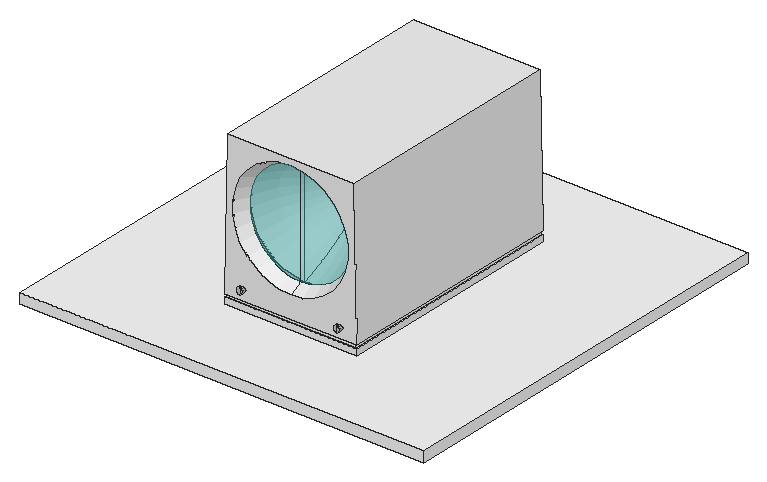
Revit family "BE_33581_de_DE", category Leuchten, Revit 2020
Family settings
  Basisbauteil = Fläche
  Bemaßung runder Anschluss = Durchmesser verwenden
  Teiletyp = Normal
  Beim Laden mit Abzugskörper schneiden = Ja
  Lichtquelle = Ja
  Gemeinsam genutzt = Nein
  Raumberechnungspunkt = Ja
Parameters (values of type "BEGA_33581_Weiß_K4")
  built-in parameter 1150104 = 13.935 (stored number, unit not read)
  Wattage = 7.9 W
  Default Elevation = 0 mm
  built-in parameter 1150113 = 1 (stored number, unit not read)
  built-in parameter 1114218 = 1 (stored number, unit not read)
  Umgebungstemperatur = "25 °C"
  URL = "https://www.bega.com/de/produkt/33581"
  Typenkommentare = "© 2022 BEGA. Wir behalten uns das Recht vor, technische Änderungen ohne vorherige Ankündigung vorzunehmen."  # constant formula
  Type Image = 33581.png
  built-in parameter 1150134 = 12
  built-in parameter 1150109 = 1 (stored number, unit not read)
  Strom = ""
  built-in parameter 1150110 = 1 (stored number, unit not read)
  Spannung = 239.996 V
  Sonderanfertigung = no
  Seriennummer [instance] = "Hier können Sie die eindeutige Seriennummer für das Facility Management eintragen."
  Schutzklasse = "I"
  Schutzart = "IP 64"
  Scheinlast = 0 VA
  Produktdatenblatt = "https://cdn.bega.com/bega/products/33581WK3/current/documents/data-sheets/de"
  Oberflächentemperatur = ""
  Neigungswinkel = 0.00°
  Modell = "33581WK4"
  Material_17 = BEGA_Reflektor
  Material_15 = BEGA_Leuchtmedium_matt
  Material_11 = BEGA_Glas_opal
  Material_09 = BEGA_Glas_klar
  Material_06 = BEGA_Oberfläche_Edelstahl_gebürstet
  Material_03 = BEGA_Oberfläche_Weiss_matt
  Material_02 = BEGA_Oberfläche_Silber_matt
  Material_01 [instance] = BEGA_Oberfläche_Grafit_matt
  M_W = yes
  M_G = no
  M_A = no
  Logo = 0
  built-in parameter 1114217 = 1 (stored number, unit not read)
  built-in parameter 1150139 = (empty or 0)
  built-in parameter 1150105 = 94.299 (stored number, unit not read)
  built-in parameter 1150114 = 1 (stored number, unit not read)
  Lumens = 1185 lm
  built-in parameter 1150115 = 1 (stored number, unit not read)
  Leuchtenlichtstrom = "782 lm"
  Leuchtenanzahl = ""
  Lebensdauerkriterien = "L70B50 @ 25 °C = 200000 h"
  Lastklassifizierung = Beleuchtung
  built-in parameter 1150112 = 1 (stored number, unit not read)
  Lampenlichtstrom = "1185 lm"
  Lampe = "LED 7.9 W"
  LED_Modulbezeichnung = "LED-0683/840"
  built-in parameter 1150142 = (empty or 0)
  Hersteller = "BEGA"  # constant formula
  Halbstreuwinkel = ""
  Gewicht = "2.35 kg"
  Gebrauchslageneinschränkung [instance] = ""
  Frequenz = "0/50-60 Hz"
  Farbwiedergabeindex = "CRI > 80"
  Farbtemperaturverschiebung bei Dämpfen der Lampe = <Keine Auswahl>
  Farbtemperatur = "4000 K"
  Color Filter = 16777215
  built-in parameter 1150133 = 10 (stored number, unit not read)
  Energieeffizienzklasse = "LED A++ - A"
  built-in parameter 1150137 = (empty or 0)
  built-in parameter 1150132 = (empty or 0)
  ENEC = "ja"
  Dimmbar [instance] = "DALI"
  Datei für fotometrisches Netz = "BE_33581K4.IES"
  CE_Konformität = "ja"
  Bestellnummer = "33581WK4"
  Beschreibung_Sonderanfertigung = "Hier können Sie Informationen zur Sonderanfertigung eintragen."
  Beschreibung = "Wandleuchte"
  built-in parameter 1150106 = 0.94299 (stored number, unit not read)
  Befestigungsbohrung = "Ø 4,5 mm"
  Befestigungsabstand = "105 mm"
  Ballwurfsicher = ""
  BEGA_Intern_aus = yes
  BEGA_Intern_an = yes
  BEGA_Intern_Konstruktion = yes
  BEGA_Intern = yes
  BEGA_IES = yes
  BEGA_Dummy = no
  Anschlussleitung = ""
  Anschlussleistung [instance] = "10 W"
  built-in parameter 1150107 = 4000 (stored number, unit not read)
  built-in parameter 1150102 = (empty or 0)
  built-in parameter 1150138 = (empty or 0)
  Aktualisierung = "2022-05-18T04:00:07"
  Abstand_zur_angestrahlten_Fläche [instance] = ""
  AC/DC = "AC/DC"
Types (6, lengths in mm): name | built-in parameter 1150104 | built-in parameter 1150134 | Modell | M_W | M_G | M_A | built-in parameter 1150105 | Lumens | Leuchtenlichtstrom | Lampenlichtstrom | LED_Modulbezeichnung | Farbtemperatur | Datei für fotometrisches Netz | Bestellnummer | built-in parameter 1150106 | built-in parameter 1150107
  BEGA_33581_Grafit_K3 | 13.23 (stored number, unit not read) | (empty or 0) | "33581K3" | no | yes | no | 89.528 (stored number, unit not read) | 1125.04 lm | "743 lm" | "1125 lm" | "LED-0683/830" | "3000 K" | "BE_33581K3.IES" | "33581K3" | 0.89528 (stored number, unit not read) | 3000 (stored number, unit not read)
  BEGA_33581_Weiß_K4 | 13.935 (stored number, unit not read) | 12 | "33581WK4" | yes | no | no | 94.299 (stored number, unit not read) | 1185 lm | "782 lm" | "1185 lm" | "LED-0683/840" | "4000 K" | "BE_33581K4.IES" | "33581WK4" | 0.94299 (stored number, unit not read) | 4000 (stored number, unit not read)
  BEGA_33581_Weiß_K3 | 13.23 (stored number, unit not read) | (empty or 0) | "33581WK3" | yes | no | no | 89.528 (stored number, unit not read) | 1125.04 lm | "743 lm" | "1125 lm" | "LED-0683/830" | "3000 K" | "BE_33581K3.IES" | "33581WK3" | 0.89528 (stored number, unit not read) | 3000 (stored number, unit not read)
  BEGA_33581_Grafit_K4 | 13.935 (stored number, unit not read) | 12 | "33581K4" | no | yes | no | 94.299 (stored number, unit not read) | 1185 lm | "782 lm" | "1185 lm" | "LED-0683/840" | "4000 K" | "BE_33581K4.IES" | "33581K4" | 0.94299 (stored number, unit not read) | 4000 (stored number, unit not read)
  BEGA_33581_Silber_K4 | 13.935 (stored number, unit not read) | 12 | "33581AK4" | no | no | yes | 94.299 (stored number, unit not read) | 1185 lm | "782 lm" | "1185 lm" | "LED-0683/840" | "4000 K" | "BE_33581K4.IES" | "33581AK4" | 0.94299 (stored number, unit not read) | 4000 (stored number, unit not read)
  BEGA_33581_Silber_K3 | 13.23 (stored number, unit not read) | (empty or 0) | "33581AK3" | no | no | yes | 89.528 (stored number, unit not read) | 1125.04 lm | "743 lm" | "1125 lm" | "LED-0683/830" | "3000 K" | "BE_33581K3.IES" | "33581AK3" | 0.89528 (stored number, unit not read) | 3000 (stored number, unit not read)
Reference planes
  plane 1 "Mitte (Vorne/Hinten)": y = 0
  plane 2: z = 0
  plane 3 "Mitte (Links/Rechts)": x = 0
  plane 4 "Links": x = -65.11
  plane 5 "Rechts": x = 65.11
  plane 6 "Unten": y = -115.176
  plane 7 "Oben": y = 115.044
  plane 8 "Vorne": z = 151.3
  plane 9 "Hinten": z = 0
Forms (mm)
  Extrusion 1, solid, material "BEGA_Platte_Weiss"
    sketch origin (0, -1119.2, 0) x (1, 0, 0) y (0, 1, 0)
      loop
        line (-200, 1319.2) -> (-200, 919.2) -> (200, 919.2) -> (200, 1319.2) -> (-200, 1319.2)
    from 0 to -10
  Extrusion 2, solid, material "BEGA_Dummy_matt", visible <- "BEGA_Dummy"
    sketch origin (80.095, -76.023, 0) x (1, 0, 0) y (0, 1, 0)
      loop
        line (-145.205, 191.067) -> (-145.205, -39.153) -> (-14.985, -39.153) -> (-14.985, 191.067) -> (-145.205, 191.067)
    from 0 to 151.3
Dimensions and locks
  plane 1 "Mitte (Vorne/Hinten)" to Extrusion 1 = 200 mm
  aligned and locked: plane 2 to Extrusion 1
  aligned and locked: level to Extrusion 1
Nested families
  nested 1: "BE_33581" at (0, 0, 0) x (0, -1, 0) z (0, 0, 1), type "BE_33581"
Connectors
  electrical at (0, 0, 0), driven by "Lastklassifizierung", driven by "Spannung", driven by "Scheinlast"
    settings: index 1, voltage 239.996 V, apparent load 0 VA, apparent load phase1 0 VA, apparent load phase2 0 VA, apparent load phase3 0 VA, power factor 1, load classification "Beleuchtung", number of poles 1, system type 31, power factor state 1, is connector primary yes, connector utility no, sub classification motor no, connector description ""
Definition of nested family "BE_33581"
  Parameters (values of type "BE_33581")
    Default Elevation = 1 mm
    URL = "http://www.bega.de/de/produkt"
    Type Comments = "© 2015 BEGA. Wir behalten uns das Recht vor, technische Änderungen ohne vorherige Ankündigung vorzunehmen. "  # constant formula
    Type Image = (empty or 0)
    Material_17 = none
    Material_15 = none
    Material_11 = none
    Material_09 = none
    Material_06 = none
    Material_03 = none
    Material_02 = none
    Material_01 = none
    M_W = yes
    M_G = yes
    M_A = yes
    Länge_Platte = 300 mm  # constant formula
    Höhe_Platte = -10 mm  # constant formula
    Manufacturer = "BEGA"  # constant formula
    Breite_Platte = 200 mm  # constant formula
  Reference planes
    plane 1 "Mitte (Oben/Unten)": y = 0
    plane 2: z = 0
    plane 3 "Mitte (Links/Rechts)": x = 0
    plane 4 "Unten": y = -65.11
    plane 5: x = -115.044
    plane 6: z = 151.3
    plane 7: x = 115.176
    plane 8: y = 65.11
  Forms (mm)
    Extrusion 1, solid, detail levels medium
      sketch origin (0, 0, 0) x (1, 0, 0) y (0, 1, 0)
        loop
          line (-150, 100) -> (-150, -100) -> (150, -100) -> (150, 100) -> (-150, 100)
      from 0 to -10 <- "Höhe_Platte"
    Extrusion 2, solid, material <- "Material_01", visible <- "M_G", detail levels medium+fine
      sketch origin (0, 0, 0) x (1, 0, 0) y (0, 0, 1)
        loop
          line (-114.824, 9.3) -> (-102.259, 9.3) -> (-102.259, 148.3) -> (102.259, 148.3) -> (102.259, 9.3) -> (115.176, 9.3) -> (115.176, 151.3) -> (-114.824, 151.3) -> (-114.824, 9.3)
      from -65.11 to 65.11
    Extrusion 3, solid, material <- "Material_01", visible <- "M_G", detail levels medium+fine
      sketch origin (0, 0, 0) x (0, 1, 0) y (0, 0, 1)
        loop
          line (-60, 151.3) -> (-65.11, 151.3) -> (-65.11, 9.3) -> (-60, 9.3) -> (-60, 151.3)
        loop
          line (60, 151.3) -> (60, 9.3) -> (65.11, 9.3) -> (65.11, 151.3) -> (60, 151.3)
      from -114.824 to 115.176
    Sweep 4, solid, material <- "Material_01", visible <- "M_G", detail levels medium+fine
      path origin (0, 0, 0) x (1, 0, 0) y (0, 1, 0)
        loop
          line (115.176, -65.11) -> (115.176, 65.11) -> (-115.11, 65.11) -> (-115.11, -65.11) -> (115.176, -65.11)
      profile origin (115.176, 0, 0) x (-1, 0, 0) y (0, 0, 1)
        loop
          line (0.176, 6.3) -> (0.066, 0) -> (7.976, 0) -> (8.447, 9) -> (54.804, 9) -> (54.804, 11.3) -> (3.262, 11.3) -> (1.041, 9.3) -> (1.041, 6.3) -> (0.176, 6.3)
    Extrusion 5, solid, material <- "Material_01", visible <- "M_G", detail levels medium+fine
      sketch origin (0, 0, 0) x (1, 0, 0) y (0, 1, 0)
        loop
          line (-60.306, 10.306) -> (-60.306, -10.306) -> (60.372, -10.306) -> (60.372, 10.306) -> (-60.306, 10.306)
      from 9 to 11.3
    Revolve 6, void
      sketch origin (0, 0, 0) x (1, 0, 0) y (0, 0, 1)
        loop
          line (102.259, 139.777) -> (102.259, 88.3) -> (115.176, 88.3) -> (115.176, 145.8) -> (102.259, 139.777)
        axis (115.176, 88.3) -> (102.259, 88.3)
      angle from 0 to 360
    Revolve 7, solid, material <- "Material_17", detail levels medium+fine
      sketch origin (-4.05, 0, 0) x (-1, 0, 0) y (0, 0, 1)
        loop
          arc (-102.097, 141.256) -> (-68.897, 126.601) -> (-40.677, 103.781) r 137.727
          line (-40.677, 103.781) -> (-40.06, 93.694) -> (-39.056, 93.667) -> (-39.71, 104.364)
          arc (-39.71, 104.364) -> (-67.927, 127.265) -> (-101.152, 141.988) r 137.727
          line (-101.152, 141.988) -> (-101.152, 145.816) -> (-102.097, 145.816) -> (-102.097, 141.256)
        axis (-102.097, 88.3) -> (-39.056, 88.3)
      angle from 0 to 360
    Revolve 8, solid, material <- "Material_09", detail levels medium+fine
      sketch origin (0, 0, 0) x (1, 0, 0) y (0, 0, 1)
        loop
          line (98.047, 144.78) -> (98.047, 88.3) -> (102.227, 88.3) -> (102.227, 144.78) -> (98.047, 144.78)
        axis (98.047, 88.3) -> (102.227, 88.3)
      angle from 0 to 360
    Revolve 9, solid, material <- "Material_15", detail levels medium+fine
      sketch origin (69.774, 0, 0) x (1, 0, 0) y (0, 0, 1)
        loop
          line (-36.847, 88.3) -> (-35.805, 88.3) -> (-35.805, 93.042) -> (-36.847, 93.042) -> (-36.847, 88.3)
        axis (-36.847, 88.3) -> (-35.805, 88.3)
      angle from 0 to 360
    Revolve 10, solid, material <- "Material_06", detail levels fine
      sketch origin (0, -48, 0) x (1, 0, 0) y (0, 0, -1)
        loop
          line (114.588, -22.1) -> (118.376, -22.1) -> (118.376, -19.101) -> (114.588, -19.101) -> (114.588, -22.1)
        axis (114.588, -19.101) -> (118.376, -19.101)
      angle from 0 to 360
    Revolve 11, solid, material <- "Material_06", detail levels fine
      sketch origin (0, 48, 0) x (1, 0, 0) y (0, 0, 1)
        loop
          line (114.588, 22.1) -> (114.588, 19.101) -> (118.376, 19.101) -> (118.376, 22.1) -> (114.588, 22.1)
        axis (114.588, 19.101) -> (118.376, 19.101)
      angle from 0 to 360
    Sweep 12, solid, material <- "Material_02", visible <- "M_A", detail levels medium+fine
      path origin (0, 0, 0) x (1, 0, 0) y (0, 1, 0)
        loop
          line (115.176, -65.11) -> (115.176, 65.11) -> (-115.11, 65.11) -> (-115.11, -65.11) -> (115.176, -65.11)
      profile origin (115.176, 0, 0) x (-1, 0, 0) y (0, 0, 1)
        loop
          line (0.176, 6.3) -> (0.066, 0) -> (7.976, 0) -> (8.447, 9) -> (54.804, 9) -> (54.804, 11.3) -> (3.262, 11.3) -> (1.041, 9.3) -> (1.041, 6.3) -> (0.176, 6.3)
    Extrusion 13, solid, material <- "Material_02", visible <- "M_A", detail levels medium+fine
      sketch origin (0, 0, 0) x (1, 0, 0) y (0, 1, 0)
        loop
          line (-60.306, 10.306) -> (-60.306, -10.306) -> (60.372, -10.306) -> (60.372, 10.306) -> (-60.306, 10.306)
      from 9 to 11.3
    Sweep 14, solid, material <- "Material_03", visible <- "M_W", detail levels medium+fine
      path origin (0, 0, 0) x (1, 0, 0) y (0, 1, 0)
        loop
          line (115.176, -65.11) -> (115.176, 65.11) -> (-115.11, 65.11) -> (-115.11, -65.11) -> (115.176, -65.11)
      profile origin (115.176, 0, 0) x (-1, 0, 0) y (0, 0, 1)
        loop
          line (0.176, 6.3) -> (0.066, 0) -> (7.976, 0) -> (8.447, 9) -> (54.804, 9) -> (54.804, 11.3) -> (3.262, 11.3) -> (1.041, 9.3) -> (1.041, 6.3) -> (0.176, 6.3)
    Extrusion 15, solid, material <- "Material_03", visible <- "M_W", detail levels medium+fine
      sketch origin (0, 0, 0) x (1, 0, 0) y (0, 1, 0)
        loop
          line (-60.306, 10.306) -> (-60.306, -10.306) -> (60.372, -10.306) -> (60.372, 10.306) -> (-60.306, 10.306)
      from 9 to 11.3
    Extrusion 16, solid, material <- "Material_02", visible <- "M_A", detail levels medium+fine
      sketch origin (0, 0, 0) x (1, 0, 0) y (0, 0, 1)
        loop
          line (-114.824, 9.3) -> (-102.259, 9.3) -> (-102.259, 148.3) -> (102.259, 148.3) -> (102.259, 9.3) -> (115.176, 9.3) -> (115.176, 151.3) -> (-114.824, 151.3) -> (-114.824, 9.3)
      from -65.11 to 65.11
    Extrusion 17, solid, material <- "Material_02", visible <- "M_A", detail levels medium+fine
      sketch origin (0, 0, 0) x (0, 1, 0) y (0, 0, 1)
        loop
          line (-60, 151.3) -> (-65.11, 151.3) -> (-65.11, 9.3) -> (-60, 9.3) -> (-60, 151.3)
        loop
          line (60, 151.3) -> (60, 9.3) -> (65.11, 9.3) -> (65.11, 151.3) -> (60, 151.3)
      from -114.824 to 115.176
    Extrusion 18, solid, material <- "Material_03", visible <- "M_W", detail levels medium+fine
      sketch origin (0, 0, 0) x (1, 0, 0) y (0, 0, 1)
        loop
          line (-114.824, 9.3) -> (-102.259, 9.3) -> (-102.259, 148.3) -> (102.259, 148.3) -> (102.259, 9.3) -> (115.176, 9.3) -> (115.176, 151.3) -> (-114.824, 151.3) -> (-114.824, 9.3)
      from -65.11 to 65.11
    Extrusion 19, solid, material <- "Material_03", visible <- "M_W", detail levels medium+fine
      sketch origin (0, 0, 0) x (0, 1, 0) y (0, 0, 1)
        loop
          line (-60, 151.3) -> (-65.11, 151.3) -> (-65.11, 9.3) -> (-60, 9.3) -> (-60, 151.3)
        loop
          line (60, 151.3) -> (60, 9.3) -> (65.11, 9.3) -> (65.11, 151.3) -> (60, 151.3)
      from -114.824 to 115.176
    Extrusion 20, void
      sketch origin (0, 0, 0) x (1, 0, 0) y (0, 1, 0)
        loop
          circle (0, 52.5) r 2.25
        loop
          circle (0, -52.5) r 2.25
        loop
          circle (19, 45) r 8.5
        loop
          circle (-19, 45) r 8.5
      from 0 to 15.771
    Extrusion 21, void
      sketch origin (0, 0, 0) x (0, 1, 0) y (0, 0, 1)
        loop
          line (-65.11, 9.3) -> (-62.522, 157.547) -> (-65.11, 157.547) -> (-65.11, 9.3)
        loop
          line (65.11, 9.3) -> (65.11, 157.547) -> (62.522, 157.547) -> (65.11, 9.3)
      from -122.47 to 122.023
  Cuts and joins
    Revolve 6, Extrusion 20, Extrusion 21 cuts Extrusion 2
    Revolve 6, Extrusion 20, Extrusion 21 cuts Extrusion 3
    joined: Extrusion 2, Extrusion 3
    Extrusion 20 cuts Sweep 4
    Extrusion 20 cuts Extrusion 5
    joined: Sweep 4, Extrusion 5
    Extrusion 20 cuts Sweep 12
    Extrusion 20 cuts Extrusion 13
    joined: Sweep 12, Extrusion 13
    Extrusion 20 cuts Sweep 14
    Extrusion 20 cuts Extrusion 15
    joined: Sweep 14, Extrusion 15
    Revolve 6, Extrusion 20, Extrusion 21 cuts Extrusion 16
    Extrusion 20, Extrusion 21 cuts Extrusion 17
    joined: Extrusion 16, Extrusion 17
    Revolve 6, Extrusion 20, Extrusion 21 cuts Extrusion 18
    Extrusion 20, Extrusion 21 cuts Extrusion 19
    joined: Extrusion 18, Extrusion 19
  Dimensions and locks
    equal spacing: Extrusion 1 sketch curve, plane 3 "Mitte (Links/Rechts)", Extrusion 1 sketch curve
    equal spacing: Extrusion 1 sketch curve, plane 1 "Mitte (Oben/Unten)", Extrusion 1 sketch curve
    "Länge_Platte": Extrusion 1 sketch curve to Extrusion 1 sketch curve
    "Breite_Platte": Extrusion 1 sketch curve to Extrusion 1 sketch curve
    aligned and locked: Extrusion 1 to plane 2
    aligned and locked: level to Extrusion 1
  Automatic sketch dimensions
    Extrusion 2 sketch curve to Extrusion 2 sketch curve = 12.565 mm
    level to Extrusion 2 sketch curve = 9.3 mm  (x2)
    Extrusion 2 sketch curve to Extrusion 2 sketch curve = 12.917 mm
    Extrusion 2 sketch curve to Extrusion 2 sketch curve = 3 mm
    plane 1 "Mitte (Oben/Unten)" to Extrusion 3 sketch curve = 65.11 mm
    Extrusion 3 sketch curve to Extrusion 3 sketch curve = 5.11 mm  (x2)
    Extrusion 3 sketch curve to plane 1 "Mitte (Oben/Unten)" = 60 mm
    level to Extrusion 3 sketch curve = 9.3 mm  (x2)
    plane 1 "Mitte (Oben/Unten)" to Sweep 4 sketch curve = 65.11 mm
    Sweep 4 sketch curve to plane 1 "Mitte (Oben/Unten)" = 65.11 mm
    Sweep 4 sketch curve to level = 0 mm
    Sweep 4 sketch curve to profile plane = 0.066 mm
    Sweep 4 sketch curve to profile plane = 0.176 mm
    Sweep 4 sketch curve to profile plane = 1.041 mm
    Sweep 4 sketch curve to Sweep 4 sketch curve = 2.221 mm
    Sweep 4 sketch curve to Sweep 4 sketch curve = 7.91 mm
    Sweep 4 sketch curve to Sweep 4 sketch curve = 5.185 mm
    level to Sweep 4 sketch curve = 9 mm
    Sweep 4 sketch curve to Sweep 4 sketch curve = 46.356 mm
    level to Sweep 4 sketch curve = 6.3 mm
    Sweep 4 sketch curve to Sweep 4 sketch curve = 3 mm
    Sweep 4 sketch curve to Sweep 4 sketch curve = 2 mm
    plane 1 "Mitte (Oben/Unten)" to Extrusion 5 sketch curve = 10.306 mm
    Extrusion 5 sketch curve to plane 3 "Mitte (Links/Rechts)" = 60.306 mm
    plane 3 "Mitte (Links/Rechts)" to Extrusion 5 sketch curve = 60.372 mm
    Extrusion 5 sketch curve to plane 1 "Mitte (Oben/Unten)" = 10.306 mm
    Revolve 6 sketch curve to Revolve 6 sketch curve = 12.917 mm
    level to Revolve 6 sketch curve = 88.3 mm
    Revolve 6 sketch curve to Revolve 6 sketch curve = 51.477 mm
    Revolve 6 sketch curve to Revolve 6 sketch curve = 6.023 mm
    plane 3 "Mitte (Links/Rechts)" to Revolve 6 sketch curve = 18.248 mm
    Revolve 6 sketch curve to Revolve 6 sketch curve = 0 mm  (x2)
    Revolve 7 sketch curve to level = 9.03 mm
    Revolve 7 sketch curve to Revolve 7 sketch curve = 0.78 mm  (x2)
    Revolve 7 sketch curve to plane 3 "Mitte (Links/Rechts)" = 98.047 mm
    Revolve 7 sketch curve to Revolve 7 sketch curve = 0.945 mm
    Revolve 7 sketch curve to plane 3 "Mitte (Links/Rechts)" = 36.627 mm
    Revolve 7 sketch curve to Revolve 7 sketch curve = 0.617 mm
    Revolve 7 sketch curve to Revolve 7 sketch curve = 0.966 mm
    Revolve 7 sketch curve to Revolve 7 sketch curve = 1.003 mm
    Revolve 7 sketch curve to level = 93.667 mm
    Revolve 7 sketch curve to Revolve 7 sketch curve = 0.026 mm
    Revolve 7 sketch curve to Revolve 7 sketch curve = 10.088 mm
    Revolve 7 sketch curve to Revolve 7 sketch curve = 0.583 mm
    Revolve 7 sketch curve to Revolve 7 sketch curve = 3.828 mm
    Revolve 7 sketch curve to Revolve 7 sketch curve = 8.327 mm
    Revolve 7 sketch curve to plane 3 "Mitte (Links/Rechts)" = 16.374 mm
    Revolve 7 sketch curve to Revolve 7 sketch curve = 5.367 mm
    plane 3 "Mitte (Links/Rechts)" to Revolve 8 sketch curve = 98.047 mm
    Revolve 8 sketch curve to Revolve 8 sketch curve = 4.18 mm
    level to Revolve 8 sketch curve = 88.3 mm
    Revolve 8 sketch curve to Revolve 8 sketch curve = 0 mm  (x2)
    Revolve 8 sketch curve to Revolve 8 sketch curve = 7.502 mm
    plane 3 "Mitte (Links/Rechts)" to Revolve 9 sketch curve = 32.927 mm
    Revolve 9 sketch curve to Revolve 9 sketch curve = 1.042 mm
    level to Revolve 9 sketch curve = 88.3 mm
    Revolve 9 sketch curve to Revolve 9 sketch curve = 4.742 mm
    Revolve 9 sketch curve to Revolve 9 sketch curve = 0 mm  (x2)
    Revolve 9 sketch curve to Revolve 9 sketch curve = 2.757 mm
    level to Revolve 10 sketch curve = 22.1 mm
    Revolve 10 sketch curve to Revolve 10 sketch curve = 3.788 mm
    Revolve 10 sketch curve to Revolve 10 sketch curve = 2.999 mm
    Revolve 10 sketch curve to Revolve 10 sketch curve = 0 mm  (x3)
    level to Revolve 11 sketch curve = 22.1 mm
    Revolve 11 sketch curve to Revolve 11 sketch curve = 3.788 mm
    Revolve 11 sketch curve to Revolve 11 sketch curve = 2.999 mm
    Revolve 11 sketch curve to Revolve 11 sketch curve = 0 mm  (x3)
    plane 1 "Mitte (Oben/Unten)" to Sweep 12 sketch curve = 65.11 mm
    Sweep 12 sketch curve to plane 1 "Mitte (Oben/Unten)" = 65.11 mm
    Sweep 12 sketch curve to level = 0 mm
    Sweep 12 sketch curve to profile plane = 0.066 mm
    Sweep 12 sketch curve to profile plane = 0.176 mm
    Sweep 12 sketch curve to profile plane = 1.041 mm
    Sweep 12 sketch curve to Sweep 12 sketch curve = 2.221 mm
    Sweep 12 sketch curve to Sweep 12 sketch curve = 7.91 mm
    Sweep 12 sketch curve to Sweep 12 sketch curve = 5.185 mm
    level to Sweep 12 sketch curve = 9 mm
    Sweep 12 sketch curve to Sweep 12 sketch curve = 46.356 mm
    level to Sweep 12 sketch curve = 6.3 mm
    Sweep 12 sketch curve to Sweep 12 sketch curve = 3 mm
    Sweep 12 sketch curve to Sweep 12 sketch curve = 2 mm
    plane 1 "Mitte (Oben/Unten)" to Extrusion 13 sketch curve = 10.306 mm
    Extrusion 13 sketch curve to plane 3 "Mitte (Links/Rechts)" = 60.306 mm
    plane 3 "Mitte (Links/Rechts)" to Extrusion 13 sketch curve = 60.372 mm
    Extrusion 13 sketch curve to plane 1 "Mitte (Oben/Unten)" = 10.306 mm
    plane 1 "Mitte (Oben/Unten)" to Sweep 14 sketch curve = 65.11 mm
    Sweep 14 sketch curve to plane 1 "Mitte (Oben/Unten)" = 65.11 mm
    Sweep 14 sketch curve to level = 0 mm
    Sweep 14 sketch curve to profile plane = 0.066 mm
    Sweep 14 sketch curve to profile plane = 0.176 mm
    Sweep 14 sketch curve to profile plane = 1.041 mm
    Sweep 14 sketch curve to Sweep 14 sketch curve = 2.221 mm
    Sweep 14 sketch curve to Sweep 14 sketch curve = 7.91 mm
    Sweep 14 sketch curve to Sweep 14 sketch curve = 5.185 mm
    level to Sweep 14 sketch curve = 9 mm
    Sweep 14 sketch curve to Sweep 14 sketch curve = 46.356 mm
    level to Sweep 14 sketch curve = 6.3 mm
    Sweep 14 sketch curve to Sweep 14 sketch curve = 3 mm
    Sweep 14 sketch curve to Sweep 14 sketch curve = 2 mm
    plane 1 "Mitte (Oben/Unten)" to Extrusion 15 sketch curve = 10.306 mm
    Extrusion 15 sketch curve to plane 3 "Mitte (Links/Rechts)" = 60.306 mm
    plane 3 "Mitte (Links/Rechts)" to Extrusion 15 sketch curve = 60.372 mm
    Extrusion 15 sketch curve to plane 1 "Mitte (Oben/Unten)" = 10.306 mm
    Extrusion 16 sketch curve to Extrusion 16 sketch curve = 12.565 mm
    level to Extrusion 16 sketch curve = 9.3 mm  (x2)
    Extrusion 16 sketch curve to Extrusion 16 sketch curve = 12.917 mm
    Extrusion 16 sketch curve to Extrusion 16 sketch curve = 3 mm
    plane 1 "Mitte (Oben/Unten)" to Extrusion 17 sketch curve = 65.11 mm
    Extrusion 17 sketch curve to Extrusion 17 sketch curve = 5.11 mm  (x2)
    Extrusion 17 sketch curve to plane 1 "Mitte (Oben/Unten)" = 60 mm
    level to Extrusion 17 sketch curve = 9.3 mm  (x2)
    Extrusion 18 sketch curve to Extrusion 18 sketch curve = 12.565 mm
    level to Extrusion 18 sketch curve = 9.3 mm  (x2)
    Extrusion 18 sketch curve to Extrusion 18 sketch curve = 12.917 mm
    Extrusion 18 sketch curve to Extrusion 18 sketch curve = 3 mm
    plane 1 "Mitte (Oben/Unten)" to Extrusion 19 sketch curve = 65.11 mm
    Extrusion 19 sketch curve to Extrusion 19 sketch curve = 5.11 mm  (x2)
    Extrusion 19 sketch curve to plane 1 "Mitte (Oben/Unten)" = 60 mm
    level to Extrusion 19 sketch curve = 9.3 mm  (x2)
    Extrusion 20 sketch curve to plane 3 "Mitte (Links/Rechts)" = 0 mm  (x2)
    Extrusion 20 sketch curve to plane 3 "Mitte (Links/Rechts)" = 19 mm
    plane 3 "Mitte (Links/Rechts)" to Extrusion 20 sketch curve = 19 mm
    plane 1 "Mitte (Oben/Unten)" to Extrusion 20 sketch curve = 52.5 mm
    Extrusion 20 sketch curve to plane 1 "Mitte (Oben/Unten)" = 45 mm
    Extrusion 20 sketch curve to Extrusion 20 sketch curve = 0 mm
    Extrusion 20 sketch curve to Extrusion 20 sketch curve = 7.5 mm
    Extrusion 2 sketch curve to plane 3 "Mitte (Links/Rechts)" = 114.824 mm
    plane 3 "Mitte (Links/Rechts)" to Extrusion 2 sketch curve = 102.259 mm
    Sweep 4 sketch curve to plane 3 "Mitte (Links/Rechts)" = 115.11 mm
    plane 3 "Mitte (Links/Rechts)" to Sweep 4 sketch curve = 115.176 mm
    Revolve 6 sketch curve to Revolve 6 sketch curve = 84.01 mm
    Revolve 7 sketch curve to Revolve 7 sketch curve = 29.427 mm
    plane 3 "Mitte (Links/Rechts)" to Revolve 10 sketch curve = 114.588 mm
    plane 3 "Mitte (Links/Rechts)" to Revolve 11 sketch curve = 114.588 mm
    Sweep 12 sketch curve to plane 3 "Mitte (Links/Rechts)" = 115.11 mm
    plane 3 "Mitte (Links/Rechts)" to Sweep 12 sketch curve = 115.176 mm
    Sweep 14 sketch curve to plane 3 "Mitte (Links/Rechts)" = 115.11 mm
    plane 3 "Mitte (Links/Rechts)" to Sweep 14 sketch curve = 115.176 mm
    Extrusion 16 sketch curve to plane 3 "Mitte (Links/Rechts)" = 114.824 mm
    plane 3 "Mitte (Links/Rechts)" to Extrusion 16 sketch curve = 102.259 mm
    Extrusion 18 sketch curve to plane 3 "Mitte (Links/Rechts)" = 114.824 mm
    plane 3 "Mitte (Links/Rechts)" to Extrusion 18 sketch curve = 102.259 mm
    Extrusion 2 sketch curve to plane 6 = 0 mm
    plane 6 to Extrusion 3 sketch curve = 0 mm  (x2)
    plane 6 to Revolve 8 sketch curve = 6.52 mm
    Extrusion 16 sketch curve to plane 6 = 0 mm
    plane 6 to Extrusion 17 sketch curve = 0 mm  (x2)
    Extrusion 18 sketch curve to plane 6 = 0 mm
    plane 6 to Extrusion 19 sketch curve = 0 mm  (x2)
    Extrusion 21 sketch curve to plane 4 "Unten" = 0 mm
    Extrusion 21 sketch curve to plane 8 = 0 mm
    Extrusion 21 sketch curve to Extrusion 21 sketch curve = 2.588 mm  (x2)
    level to Extrusion 21 sketch curve = 9.3 mm  (x2)
    Extrusion 21 sketch curve to plane 6 = 6.247 mm  (x2)
    radius of Extrusion 20 sketch curve = 2.25 mm  (x2)
    radius of Extrusion 20 sketch curve = 8.5 mm  (x2)
